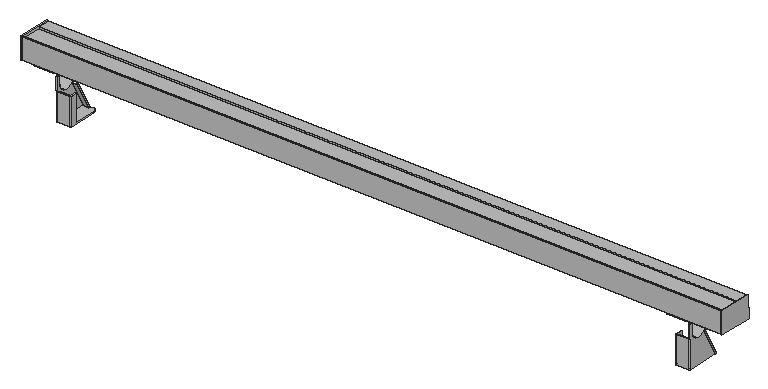
Revit family "4070762+4070747+4070771 Feilo Sylvania Lighting Fixtures CURSUS 1161MM 770LM WIDE LED 4K with SINGLE WALL HOUSING with 70MM WALL BRACKET", category Lighting Fixtures, host Face, Revit 2017
Family settings
  Host = Face
  Round Connector Dimension = Use Diameter
  Part Type = Normal
  OmniClass Number = 23.80.70.14
  OmniClass Title = Luminaries for External Lighting
  Cut with Voids When Loaded = Yes
  Light Source = No
  Shared = No
  Room Calculation Point = No
Parameters (values of type "4070762 CURSUS 1161MM 770LM WIDE LED 4K")
  Weight = "2.2 kg"
  Wattage Comments = "n/a"
  WarrantyStartDate [instance] = "n/a"
  WarrantyGuarantorParts = "n/a"
  WarrantyDurationUnit = "n/a"
  WarrantyDurationParts = "n/a"
  WarrantyDescription = "n/a"
  Voltage = 230 V
  URL = "http://www.sylvania-lighting.com"
  TypeName = "CURSUS 1161MM 770LM WIDE LED 4K"
  TypeFixture_FEILO = CURSUS with SINGLE WALL HOUSING : CURSUS 1161MM 770LM WIDE LED 4K
  Type Image = <None>
  Type Comments = "n/a"
  TiltAngle [instance] = 0.00°
  StartAngle [instance] = TiltAngle + 270.00°  # 270.00°
  SerialNumber [instance] = "n/a"
  ReflectorMaterial = none
  PowerFactor = 0
  PowerConsumption = "18 W"
  NominalLength = 1161 mm
  NominalHeight = 50 mm
  NominalDepth = 30 mm
  Name = "CURSUS 1161MM 770LM WIDE LED 4K"
  ModelReference = Name  # "CURSUS 1161MM 770LM WIDE LED 4K"
  ModelNumber = "4070762"
  Model = Name  # "CURSUS 1161MM 770LM WIDE LED 4K"
  Material = "natural anodised extruded aluminium structure housing"
  ManufacturerName = "Feilo Sylvania"
  Manufacturer = "Feilo Sylvania"
  LuminousEfficacy = "42.77 lm/W"
  LuminaireType = ""
  LightOutputRatio = "100"
  LampsType = Lamp  # "LED"
  LampNominalLuminous = "770 lm"
  LampMacAdamStep = "n/a"
  LampColourTemperature = "4000 K"
  LampColourRenderingIndex = "80"
  Lamp = "LED"
  Keynote = "16500"
  InstallationDate [instance] = "n/a"
  InputVoltage = "220-240V~"
  InputNominalFrequency = "n/a"
  IngressProtection = "IP67"
  ImpactProtectionIndex = "IK07"
  IfcExportType = "IfcLightFixtureType"
  IfcExportAs = "IfcLightFixtureType"
  ExpectedLife = 50000
  EndAngle [instance] = StartAngle - 180.00°  # 90.00°
  ElectricShockClassification = "Class III"
  DurationUnit = "hours"
  DocumentationLiterature = "http://www.sylvania-lighting.com/product/en-int/products/4070762"
  DimmingControlOptions = "n/a"
  DiffuserMaterial = Diffuser-Sylvania-Glow
  Description = "LED Exterior Lighting Recessed Surface Mounted Linear Fixture, Natural anodised extruded aluminium structure. Die-cast aluminium end caps. Installation kit with harmonic steel springs., 770 lm, 18W,  42lm/W, 4000K, CRI80+,non dimmable,IP67, IK07, (HxWxD) 1161x50x30mm, 3 step Mac Adam Ellipse, 2.2kg,, Classe III, 21-25V-DC, energy class : A++, A+, A"
  Default Elevation = 1219.2 mm
  CreatedOn = "1/8/2018"
  CreatedBy = ""
  Cost = 0
  built-in parameter 1114216 [instance] = (empty or 0)
  ClassificationValue = "EF_70_80"
  ClassificationName = "Uniclass2015"
  BracketWidth = 24 mm
  BracketThickness = 2 mm
  BracketHeightEnd = 32 mm
  BracketHeight = 55 mm
  BracketFlange = BracketHeight / 5  # 11 mm
  BracketExtension = 70 mm
  BracketEndReduction = 25 mm
  BracketC = 22 mm  # constant formula
  BracketDistance = 1030 mm
  BracketD = BracketHeightEnd - (BracketC * (BracketHeight - BracketHeightEnd) / (BracketExtension - BracketEndReduction))  # 20.756 mm
  BodyMaterial = Body-Sylvania-Gray
  BarCode [instance] = "n/a"
  AssetType = "Fixed"
  AssetIdentifier [instance] = "n/a"
  Assembly Code = "D5020200"
  Apparent Load = 18 VA
  AccessoryMaterial = Diffuser-Sylvania-Glow
Reference planes
  plane 1 "Center (Front/Back)": y = 0
  plane 2: z = 0
  plane 3 "Center (Left/Right)": x = 0
  plane 4: x = -527
  plane 5: x = 527
  plane 6: y = 55
  plane 7: x = -503
  plane 8: x = 503
  plane 9: z = 70
  plane 10: z = 56
  plane 11: z = 2
  plane 12: z = 45
  plane 13: x = -525
  plane 14: y = 53
  plane 15: y = 2
  plane 16: x = -505
  plane 17: x = 505
  plane 18: x = 525
  plane 19: x = -515
  plane 20: x = 515
  plane 21: y = 11
  plane 22: y = 32
  plane 23: y = 30
  plane 24: z = 67
  plane 25: y = 20.756
  plane 26: y = 16
Forms (mm)
  Blend 1, solid, material "Body-Sylvania-Gray" <- "BodyMaterial"
    base sketch origin (1223.4, -4572, 2) x (0, -1, 0) y (1, 0, 0)
      loop
        line (-4625, -1738.4) -> (-4627, -1738.4) -> (-4627, -1748.4)
        arc (-4627, -1748.4) -> (-4626.414, -1749.814) -> (-4625, -1750.4) r 2
        line (-4625, -1750.4) -> (-4574, -1750.4)
        arc (-4574, -1750.4) -> (-4572.586, -1749.814) -> (-4572, -1748.4) r 2
        line (-4572, -1748.4) -> (-4572, -1728.4)
        arc (-4572, -1728.4) -> (-4572.586, -1726.986) -> (-4574, -1726.4) r 2
        line (-4574, -1726.4) -> (-4583, -1726.4) -> (-4583, -1728.4) -> (-4574, -1728.4) -> (-4574, -1748.4) -> (-4625, -1748.4) -> (-4625, -1738.4)
    top sketch origin (1223.4, -4572, 2) x (0, -1, 0) y (1, 0, 0)
      loop
        line (-4583, -1728.4) -> (-4574, -1728.4) -> (-4574, -1748.4) -> (-4602, -1748.4) -> (-4602, -1738.4) -> (-4604, -1738.4) -> (-4604, -1748.4)
        arc (-4604, -1748.4) -> (-4603.52, -1749.71) -> (-4602.309, -1750.4) r 2.028
        line (-4602.309, -1750.4) -> (-4574, -1750.4)
        arc (-4574, -1750.4) -> (-4572.586, -1749.814) -> (-4572, -1748.4) r 2
        line (-4572, -1748.4) -> (-4572, -1728.4)
        arc (-4572, -1728.4) -> (-4572.586, -1726.986) -> (-4574, -1726.4) r 2
        line (-4574, -1726.4) -> (-4583, -1726.4) -> (-4583, -1728.4)
    from 0 to 43
  Extrusion 2, solid, material "Body-Sylvania-Gray" <- "BodyMaterial"
    sketch origin (0, 0, 0) x (1, 0, 0) y (0, 1, 0)
      loop
        arc (-525, 55) -> (-526.414, 54.414) -> (-527, 53) r 2
        line (-527, 53) -> (-527, 2)
        arc (-527, 2) -> (-526.414, 0.586) -> (-525, 0) r 2
        line (-525, 0) -> (-505, 0)
        arc (-505, 0) -> (-503.586, 0.586) -> (-503, 2) r 2
        line (-503, 2) -> (-503, 47.5)
        arc (-503, 47.5) -> (-505.197, 52.803) -> (-510.5, 55) r 7.5
        line (-510.5, 55) -> (-525, 55)
      loop
        line (525, 55) -> (510.5, 55)
        arc (510.5, 55) -> (505.197, 52.803) -> (503, 47.5) r 7.5
        line (503, 47.5) -> (503, 2)
        arc (503, 2) -> (503.586, 0.586) -> (505, 0) r 2
        line (505, 0) -> (525, 0)
        arc (525, 0) -> (526.414, 0.586) -> (527, 2) r 2
        line (527, 2) -> (527, 53)
        arc (527, 53) -> (526.414, 54.414) -> (525, 55) r 2
    from 0 to 2
  Blend 3, solid, material "Body-Sylvania-Gray" <- "BodyMaterial"
    base sketch origin (1223.4, -4572, 2) x (0, -1, 0) y (1, 0, 0)
      loop
        line (-4625, -698.4) -> (-4574, -698.4) -> (-4574, -718.4) -> (-4583, -718.4) -> (-4583, -720.4) -> (-4574, -720.4)
        arc (-4574, -720.4) -> (-4572.586, -719.814) -> (-4572, -718.4) r 2
        line (-4572, -718.4) -> (-4572, -698.4)
        arc (-4572, -698.4) -> (-4572.586, -696.986) -> (-4574, -696.4) r 2
        line (-4574, -696.4) -> (-4625, -696.4)
        arc (-4625, -696.4) -> (-4626.414, -696.986) -> (-4627, -698.4) r 2
        line (-4627, -698.4) -> (-4627, -708.4) -> (-4625, -708.4) -> (-4625, -698.4)
    top sketch origin (1223.4, -4572, 2) x (0, -1, 0) y (1, 0, 0)
      loop
        line (-4602, -708.4) -> (-4602, -698.4) -> (-4574, -698.4) -> (-4574, -718.4) -> (-4583, -718.4) -> (-4583, -720.4) -> (-4574, -720.4)
        arc (-4574, -720.4) -> (-4572.586, -719.814) -> (-4572, -718.4) r 2
        line (-4572, -718.4) -> (-4572, -698.4)
        arc (-4572, -698.4) -> (-4572.586, -696.986) -> (-4574, -696.4) r 2
        line (-4574, -696.4) -> (-4602, -696.4)
        arc (-4602, -696.4) -> (-4603.414, -696.986) -> (-4604, -698.4) r 2
        line (-4604, -698.4) -> (-4604, -708.4) -> (-4602, -708.4)
    from 0 to 43
  Blend 4, solid, material "Body-Sylvania-Gray" <- "BodyMaterial"
    base sketch origin (1223.4, -4572, 45) x (0, -1, 0) y (1, 0, 0)
      loop
        line (-4604, -1750.4) -> (-4572, -1750.4) -> (-4572, -1748.4) -> (-4604, -1748.4) -> (-4604, -1750.4)
    top sketch origin (1223.4, -4572, 45) x (0, -1, 0) y (1, 0, 0)
      loop
        line (-4572, -1750.4) -> (-4572, -1748.4) -> (-4592.756, -1748.4) -> (-4592.756, -1750.4) -> (-4572, -1750.4)
    from 0 to 22
  Blend 5, solid, material "Body-Sylvania-Gray" <- "BodyMaterial"
    base sketch origin (1223.4, -4572, 45) x (0, -1, 0) y (1, 0, 0)
      loop
        line (-4604, -698.4) -> (-4572, -698.4) -> (-4572, -696.4) -> (-4604, -696.4) -> (-4604, -698.4)
    top sketch origin (1223.4, -4572, 45) x (0, -1, 0) y (1, 0, 0)
      loop
        line (-4572, -696.4) -> (-4592.756, -696.4) -> (-4592.756, -698.4) -> (-4572, -698.4) -> (-4572, -696.4)
    from 0 to 22
  Extrusion 6, void
    sketch origin (0, 0, 0) x (0, 1, 0) y (0, 0, 1)
      loop
        line (0, 45) -> (2, 45) -> (2, 46.5) -> (0, 46.5) -> (0, 45)
      loop
        line (32, 45) -> (32, 46.5) -> (30, 46.5) -> (30, 45) -> (32, 45)
    from -527 to 527
  Revolve 7, solid, not visible
    sketch origin (1524, 16, 1219.2) x (1, 0, 0) y (0, 0, 1)
      loop
        line (-1524, -1152.2) -> (-1524, -1163.2) -> (-1009, -1163.2) -> (-1009, -1152.2) -> (-1524, -1152.2)
      axis (-1009, -1163.2) -> (-1524, -1163.2)
    angle from 270 <- "StartAngle" to 90 <- "EndAngle"
Cuts and joins
  Extrusion 6 cuts Blend 4
  Extrusion 6 cuts Blend 5
  joined: Blend 1, Extrusion 2, Blend 3, Blend 4, Blend 5
Lines and regions (mm)
  reference lines, not visible
    curve 1: line (-503, 16, 56) -> (503, 16, 56)
Dimensions and locks
  equal spacing: plane 4, plane 3 "Center (Left/Right)", plane 5
  "BracketDistance": plane 19 to plane 20
  "BracketHeight": plane 1 "Center (Front/Back)" to plane 6
  equal spacing: plane 7, plane 3 "Center (Left/Right)", plane 8
  "BracketWidth": plane 4 to plane 7
  "BracketExtension": plane 9 to plane 2
  "BracketThickness": plane 11 to plane 2
  "BracketEndReduction": plane 9 to plane 12
  equal spacing: plane 13, plane 3 "Center (Left/Right)", plane 18
  equal spacing: plane 16, plane 3 "Center (Left/Right)", plane 17
  "BracketThickness": plane 4 to plane 13
  "BracketThickness": plane 16 to plane 7
  "BracketThickness": plane 14 to plane 6
  "BracketThickness": plane 1 "Center (Front/Back)" to plane 15
  equal spacing: plane 4, plane 19, plane 7
  equal spacing: plane 8, plane 20, plane 5
  "BracketFlange": plane 1 "Center (Front/Back)" to plane 21
  "BracketHeightEnd": plane 1 "Center (Front/Back)" to plane 22
  "BracketThickness": plane 23 to plane 22
  locked: Extrusion 2 sketch curve to plane 7 at 7.5
  locked: Extrusion 2 sketch curve to plane 6 at 7.5  (x2)
  locked: plane 8 to Extrusion 2 sketch curve at 7.5
  "BracketC": plane 24 to plane 12
  "BracketD": plane 1 "Center (Front/Back)" to plane 25
  locked: plane 12 to Extrusion 6 sketch curve at 1.5
  equal spacing: plane 24, plane 10, plane 12
  equal spacing: plane 1 "Center (Front/Back)", plane 26, plane 22
  aligned and locked: plane 2 to host face
  aligned and locked: level to host face
  aligned and locked: plane 4 to Blend 1 sketch curve  (x2)
  aligned and locked: plane 13 to Blend 1 sketch curve  (x3)
  aligned and locked: Blend 1 sketch curve to plane 15
  aligned and locked: Blend 1 sketch curve to plane 16
  aligned and locked: Blend 1 sketch curve to plane 21
  aligned and locked: plane 7 to Blend 1 sketch curve
  aligned and locked: plane 16 to Blend 1 sketch curve
  aligned and locked: plane 1 "Center (Front/Back)" to Blend 1 sketch curve
  aligned and locked: plane 14 to Blend 1 sketch curve
  aligned and locked: Blend 1 sketch curve to var sketch  (x6)
  aligned and locked: Blend 1 sketch curve to plane 19
  aligned and locked: Blend 1 sketch curve to plane 22
  aligned and locked: plane 23 to Blend 1 sketch curve
  aligned and locked: plane 11 to Blend 1
  aligned and locked: Extrusion 2 sketch curve to Blend 1  (x3)
  aligned and locked: Extrusion 2 to level
  aligned and locked: Extrusion 2 to plane 11
  aligned and locked: Extrusion 2 sketch curve to plane 7
  aligned and locked: plane 18 to Blend 3 sketch curve  (x4)
  aligned and locked: plane 14 to Blend 3 sketch curve  (x2)
  aligned and locked: Blend 3 sketch curve to plane 20
  aligned and locked: Blend 3 sketch curve to plane 6
  aligned and locked: plane 5 to Blend 3 sketch curve
  aligned and locked: plane 1 "Center (Front/Back)" to Blend 3 sketch curve
  aligned and locked: plane 15 to Blend 3 sketch curve  (x2)
  aligned and locked: Blend 3 sketch curve to plane 8
  aligned and locked: Blend 3 sketch curve to plane 21
  aligned and locked: plane 17 to Blend 3 sketch curve
  aligned and locked: Blend 3 sketch curve to plane 18
  aligned and locked: plane 20 to Blend 3 sketch curve  (x2)
  aligned and locked: Blend 3 sketch curve to plane 23
  aligned and locked: Blend 3 sketch curve to var sketch  (x8)
  aligned and locked: var sketch to Blend 3 sketch curve
  aligned and locked: plane 22 to Blend 3 sketch curve
  aligned and locked: plane 11 to Blend 3
  aligned and locked: Extrusion 2 sketch curve to Blend 3  (x4)
  aligned and locked: Blend 1 to plane 12
  aligned and locked: Blend 3 to plane 12
  aligned and locked: Blend 4 sketch curve to plane 22
  aligned and locked: Blend 4 sketch curve to cut or joined group of Blend 1, Extrusion 2, Blend 3, Blend 4, Blend 5, Extrusion 6  (x2)
  aligned and locked: cut or joined group of Blend 1, Extrusion 2, Blend 3, Blend 4, Blend 5, Extrusion 6 to Blend 4 sketch curve
  aligned and locked: Blend 4 sketch curve to var sketch  (x2)
  aligned and locked: Blend 4 sketch curve to plane 13
  aligned and locked: Blend 4 to plane 24
  aligned and locked: Blend 4 sketch curve to plane 25
  aligned and locked: Blend 5 sketch curve to plane 18  (x2)
  aligned and locked: plane 1 "Center (Front/Back)" to Blend 5 sketch curve
  aligned and locked: plane 5 to Blend 5 sketch curve
  aligned and locked: plane 22 to Blend 5 sketch curve
  aligned and locked: Blend 5 sketch curve to var sketch
  aligned and locked: var sketch to Blend 5 sketch curve
  aligned and locked: Blend 5 sketch curve to plane 25
  aligned and locked: Blend 5 to plane 24
  aligned and locked: plane 12 to Blend 5
  aligned and locked: Extrusion 6 sketch curve to cut or joined group of Blend 1, Extrusion 2, Blend 3, Blend 4, Blend 5, Extrusion 6  (x2)
  aligned and locked: Extrusion 6 sketch curve to Extrusion 6 sketch curve
  aligned and locked: Extrusion 6 sketch curve to plane 15
  aligned and locked: plane 5 to Extrusion 6
  aligned and locked: Extrusion 6 to plane 4
  aligned and locked: Extrusion 6 sketch curve to plane 23
  aligned and locked: Revolve 7 sketch curve to plane 10  (x2)
  aligned and locked: plane 24 to Revolve 7 sketch curve
  aligned and locked: plane 3 "Center (Left/Right)" to Revolve 7 sketch curve
  aligned and locked: Revolve 7 sketch curve to plane 20
  aligned and locked: plane 7 to curve 1
  aligned and locked: plane 10 to curve 1
  aligned and locked: nested 1 to plane 5
  aligned and locked: nested 2 to plane 4
  aligned and locked: nested 1 to curve 1
  aligned and locked: nested 2 to curve 1
  aligned and locked: nested 1 to nested 3
  aligned and locked: nested 3 to plane 3 "Center (Left/Right)"
Automatic sketch dimensions
  host sketch curve to host sketch curve = 2438.4 mm  (x2)
  Blend 1 sketch curve to plane 13 = 0 mm
  plane 15 to Blend 1 sketch curve = 0 mm  (x3)
  Blend 1 sketch curve to plane 23 = 0.309 mm
  plane 6 to Blend 1 sketch curve = 0 mm
  plane 14 to Blend 1 sketch curve = 0 mm
  Blend 1 sketch curve to plane 19 = 0 mm
  Blend 3 sketch curve to plane 17 = 0 mm
  Extrusion 6 sketch curve to plane 1 "Center (Front/Back)" = 0 mm
  plane 12 to Extrusion 6 sketch curve = 0 mm
  Revolve 7 sketch curve to plane 4 = 1153 mm
  plane 5 to Revolve 7 sketch curve = 1161.4 mm
  curve 1 to plane 8 = 0 mm
Nested families
  nested 1: "MountingPlate" at (526, 16, 56) x (-1, 0, 0) z (0, 0, 1), type "MountingPlate"
  nested 2: "MountingPlate" at (-526, 16, 56) x (-1, 0, 0) z (0, 0, 1), type "MountingPlate"
  nested 3: "CURSUS with SINGLE WALL HOUSING" at (0, -4, 74) x (-1, 0, 0) z (0, 0, 1), type <- "TypeFixture_FEILO", type "CURSUS 1161MM 770LM WIDE LED 4K"
    with WarrantyStartDate "n/a", SerialNumber "n/a", InstallationDate "n/a", EndCapRight yes, EndCapLeft yes, built-in parameter 1114216 (empty or 0), BarCode "n/a", AssetIdentifier "n/a"
Connectors
  electrical at (0, 0, 0), driven by "Voltage", driven by "Apparent Load", driven by "PowerFactor"
    settings: index 1, voltage 230 V, apparent load 18 VA, apparent load phase1 0 VA, apparent load phase2 0 VA, apparent load phase3 0 VA, power factor 0, load classification "Other", number of poles 1, system type 30, power factor state 1, is connector primary yes, connector utility no, sub classification motor no, connector description ""
Definition of nested family "MountingPlate"
  Parameters (values of type "MountingPlate")
    URL = "http://www.feilosylvania.com"
    Type Comments = "n/a"
    ReflectorMaterial = none
    MountingPlateWidth = 76 mm
    MountingPlateThickness = 2 mm
    MountingPlateRadiusBack = 12 mm
    MountingPlateRadius = 3 mm
    MountingPlateHeight = 35 mm
    Model = "n/a"
    Manufacturer = "Feilo Sylvania"
    Keynote = "n/a"
    DiffuserMaterial = none
    Description = "n/a"
    Default Elevation = 1219.2 mm
    Cost = 0
    BodyMaterial = none
    Assembly Code = "n/a"
    AccessoryMaterial = none
  Reference planes
    plane 1 "Center (Front/Back)": y = 0
    plane 2: z = 0
    plane 3 "Center (Left/Right)": x = 0
    plane 4: x = -38
    plane 5: x = 38
    plane 6: y = 17.5
    plane 7: y = -17.5
    plane 8: x = -3
    plane 9: x = 3
    plane 10: z = 18
    plane 11: z = 16
    plane 12: y = 12.5
    plane 13: y = -12.5
    plane 14: x = -1
    plane 15: x = 1
    plane 16: z = -12.5
    plane 17: z = -14.5
  Forms (mm)
    Extrusion 1, solid
      sketch origin (1.653, 0, 0) x (1, 0, 0) y (0, 1, 0)
        loop
          line (-1219.2, 1219.2) -> (-1219.2, -1219.2) -> (1219.2, -1219.2) -> (1219.2, 1219.2) -> (-1219.2, 1219.2)
      from 0 to -304.8
    Extrusion 2, solid, material <- "BodyMaterial"
      sketch origin (1218.4, -4572, 16) x (0, -1, 0) y (-1, 0, 0)
        loop
          line (-4589.5, 1253.4) -> (-4589.5, 1224.4)
          arc (-4589.5, 1224.4) -> (-4588.621, 1222.279) -> (-4586.5, 1221.4) r 3
          line (-4586.5, 1221.4) -> (-4557.5, 1221.4)
          arc (-4557.5, 1221.4) -> (-4555.379, 1222.279) -> (-4554.5, 1224.4) r 3
          line (-4554.5, 1224.4) -> (-4554.5, 1253.4)
          arc (-4554.5, 1253.4) -> (-4555.379, 1255.521) -> (-4557.5, 1256.4) r 3
          line (-4557.5, 1256.4) -> (-4586.5, 1256.4)
          arc (-4586.5, 1256.4) -> (-4588.621, 1255.521) -> (-4589.5, 1253.4) r 3
        loop
          arc (-4589.5, 1183.4) -> (-4588.621, 1181.279) -> (-4586.5, 1180.4) r 3
          line (-4586.5, 1180.4) -> (-4557.5, 1180.4)
          arc (-4557.5, 1180.4) -> (-4555.379, 1181.279) -> (-4554.5, 1183.4) r 3
          line (-4554.5, 1183.4) -> (-4554.5, 1212.4)
          arc (-4554.5, 1212.4) -> (-4555.379, 1214.521) -> (-4557.5, 1215.4) r 3
          line (-4557.5, 1215.4) -> (-4586.5, 1215.4)
          arc (-4586.5, 1215.4) -> (-4588.621, 1214.521) -> (-4589.5, 1212.4) r 3
          line (-4589.5, 1212.4) -> (-4589.5, 1183.4)
      from 0 to -2
    Extrusion 3, solid, material <- "BodyMaterial"
      sketch origin (0, 0, 0) x (1, 0, 0) y (0, 0, 1)
        loop
          line (-3, 18) -> (-3, -12.5) -> (-1, -12.5) -> (-1, 16)
          arc (-1, 16) -> (-1.586, 17.414) -> (-3, 18) r 2
        loop
          line (3, -12.5) -> (3, 18)
          arc (3, 18) -> (1.586, 17.414) -> (1, 16) r 2
          line (1, 16) -> (1, -12.5) -> (3, -12.5)
      from -12.5 to 12.5
    Extrusion 4, void
      sketch origin (0, 0, 0) x (0, 1, 0) y (0, 0, 1)
        loop
          line (-12.5, -0.5) -> (-17.5, -0.5) -> (-17.5, -14.5) -> (-0.5, -14.5) -> (-0.5, -12.5)
          arc (-0.5, -12.5) -> (-8.985, -8.985) -> (-12.5, -0.5) r 12
        loop
          line (0.5, -12.5) -> (0.5, -14.5) -> (17.5, -14.5) -> (17.5, -0.5) -> (12.5, -0.5)
          arc (12.5, -0.5) -> (8.985, -8.985) -> (0.5, -12.5) r 12
      from -3 to 3
  Cuts and joins
    Extrusion 4 cuts Extrusion 2
    Extrusion 4 cuts Extrusion 3
    joined: Extrusion 2, Extrusion 3
  Lines and regions (mm)
    reference lines
      curve 1: line (-38, 0, 0) -> (38, 0, 0)
  Dimensions and locks
    equal spacing: plane 4, plane 3 "Center (Left/Right)", plane 5
    "MountingPlateWidth": plane 4 to plane 5
    equal spacing: plane 7, plane 1 "Center (Front/Back)", plane 6
    "MountingPlateHeight": plane 7 to plane 6
    equal spacing: plane 8, plane 3 "Center (Left/Right)", plane 9
    "MountingPlateHeight": plane 4 to plane 8
    locked: plane 10 to plane 2 at 18
    "MountingPlateThickness": plane 10 to plane 11
    equal spacing: plane 13, plane 1 "Center (Front/Back)", plane 12
    locked: plane 13 to plane 12 at 25
    "MountingPlateRadius": plane 4 to Extrusion 2 sketch curve  (x2)
    "MountingPlateRadius": Extrusion 2 sketch curve to plane 6  (x4)
    "MountingPlateRadius": Extrusion 2 sketch curve to plane 8  (x2)
    "MountingPlateRadius": plane 7 to Extrusion 2 sketch curve  (x4)
    "MountingPlateRadius": plane 9 to Extrusion 2 sketch curve  (x2)
    "MountingPlateRadius": Extrusion 2 sketch curve to plane 5  (x2)
    equal spacing: plane 15, plane 3 "Center (Left/Right)", plane 14
    "MountingPlateThickness": plane 14 to plane 8
    locked: plane 2 to plane 16 at 12.5
    locked: plane 17 to plane 16 at 2
    "MountingPlateRadiusBack": plane 13 to Extrusion 4 sketch curve
    "MountingPlateRadiusBack": plane 16 to Extrusion 4 sketch curve  (x2)
    "MountingPlateRadiusBack": Extrusion 4 sketch curve to plane 12
    aligned and locked: plane 2 to Extrusion 1
    aligned and locked: level to Extrusion 1
    aligned and locked: Extrusion 2 sketch curve to plane 6
    aligned and locked: Extrusion 2 sketch curve to plane 4
    aligned and locked: plane 7 to Extrusion 2 sketch curve
    aligned and locked: plane 8 to Extrusion 2 sketch curve
    aligned and locked: plane 6 to Extrusion 2 sketch curve
    aligned and locked: Extrusion 2 sketch curve to plane 5
    aligned and locked: Extrusion 2 sketch curve to plane 7
    aligned and locked: plane 9 to Extrusion 2 sketch curve
    aligned and locked: Extrusion 2 to plane 10
    aligned and locked: plane 11 to Extrusion 2
    aligned and locked: Extrusion 3 sketch curve to Extrusion 2  (x2)
    aligned and locked: plane 16 to Extrusion 3 sketch curve  (x2)
    aligned and locked: plane 14 to Extrusion 3 sketch curve
    aligned and locked: plane 9 to Extrusion 3 sketch curve
    aligned and locked: plane 15 to Extrusion 3 sketch curve
    aligned and locked: Extrusion 3 to plane 12
    aligned and locked: plane 13 to Extrusion 3
    aligned and locked: plane 17 to Extrusion 4 sketch curve  (x2)
    aligned and locked: Extrusion 4 sketch curve to plane 7
    aligned and locked: Extrusion 4 sketch curve to plane 6
    aligned and locked: plane 9 to Extrusion 4
    aligned and locked: Extrusion 4 to plane 8
    aligned and locked: plane 4 to curve 1
    aligned and locked: curve 1 to level
  Automatic sketch dimensions
    Extrusion 1 sketch curve to Extrusion 1 sketch curve = 2438.4 mm  (x2)
    Extrusion 3 sketch curve to plane 11 = 0 mm
    curve 1 to plane 5 = 0 mm
    Extrusion 4 sketch curve to plane 13 = 0 mm
    Extrusion 4 sketch curve to plane 12 = 0 mm
Definition of nested family "CURSUS with SINGLE WALL HOUSING"
  Parameters (values of type "CURSUS 1161MM 827LM OVAL LED 3K")
    Width_FEILO = 35 mm
    Weight = "2.2 kg"
    Wattage Comments = "n/a"
    Wattage = 18 W
    WarrantyStartDate [instance] = "n/a"
    WarrantyGuarantorParts = "n/a"
    WarrantyDurationUnit = "n/a"
    WarrantyDurationParts = "n/a"
    WarrantyDescription = "n/a"
    WallThickness_FEILO = 2.5 mm
    built-in parameter 1150110 = 1 (stored number, unit not read)
    Voltage = 24 V
    URL = "http://www.feilosylvania.com"
    TypeName = "CURSUS 1161MM 827LM OVAL LED 3K"
    Type Image = (empty or 0)
    Type Comments = "n/a"
    built-in parameter 1114217 = 1 (stored number, unit not read)
    Tilt Angle = -90.00°
    built-in parameter 1150109 = 1 (stored number, unit not read)
    built-in parameter 1150134 = (empty or 0)
    built-in parameter 1150113 = 1 (stored number, unit not read)
    SerialNumber [instance] = "n/a"
    ReflectorMaterial = none
    PowerFactor = 0
    PowerConsumption = "18 W"
    Photometric Web File = "4070765.ies"
    NominalLength = 1161 mm
    NominalHeight = 50 mm
    NominalDepth = 30 mm
    Name = "CURSUS 1161MM 827LM OVAL LED 3K"
    ModelReference = Name  # "CURSUS 1161MM 827LM OVAL LED 3K"
    ModelNumber = ""
    Model = Name  # "CURSUS 1161MM 827LM OVAL LED 3K"
    Material = "natural anodised extruded aluminium structure housing, optical system with pmma lenses diffuser"
    ManufacturerName = "Feilo Sylvania"
    Manufacturer = "Feilo Sylvania"
    LuminousEfficacy = "45.94 lm/W"
    built-in parameter 1150105 = 1166.5 (stored number, unit not read)
    Lumens = 827 lm
    LuminaireType = ""
    built-in parameter 1150115 = 1 (stored number, unit not read)
    LightOutputRatio = "100"
    built-in parameter 1150137 = (empty or 0)
    built-in parameter 1150139 = (empty or 0)
    Length_FEILO = 1167 mm
    LampsType = Lamp  # "LED"
    LampNominalLuminous = "827 lm"
    LampMacAdamStep = "n/a"
    LampColourTemperature = "3000 K"
    LampColourRenderingIndex = "80"
    built-in parameter 1150112 = 1 (stored number, unit not read)
    built-in parameter 1150114 = 1 (stored number, unit not read)
    Lamp = "LED"
    Keynote = "16500"
    InstallationDate [instance] = "n/a"
    InputVoltage = "24V DC"
    InputNominalFrequency = "n/a"
    built-in parameter 1150132 = (empty or 0)
    built-in parameter 1150102 = (empty or 0)
    built-in parameter 1150107 = 3000 (stored number, unit not read)
    built-in parameter 1150138 = (empty or 0)
    IngressProtection = "IP67"
    ImpactProtectionIndex = "IK07"
    built-in parameter 1150106 = 11.665 (stored number, unit not read)
    IfcExportType = "IfcLightFixtureType"
    IfcExportAs = "IfcLightFixtureType"
    ExpectedLife = 50000
    EndCapRight [instance] = yes
    EndCapLeft [instance] = yes
    Emit from Rectangle Width = Width_FEILO - WallThickness_FEILO * 2  # 30 mm
    Emit from Rectangle Length = Length_FEILO - WallThickness_FEILO * 2  # 1162 mm
    Emit Shape Visible in Rendering = no
    ElectricShockClassification = "Class III"
    built-in parameter 1150104 = 4.2684 (stored number, unit not read)
    DurationUnit = "hours"
    DocumentationLiterature = "http://www.feilosylvania.com/product/en-int/products/4070765"
    DimmingControlOptions = "n/a"
    Dimming Lamp Color Temperature Shift = (empty or 0)
    DiffuserMaterial = none
    Description = "LED Exterior Lighting Recessed Surface Mounted Linear Fixture, Natural anodised extruded aluminium structure. Die-cast aluminium end caps. Installation kit with harmonic steel springs., 827 lm, 18W, 45lm/W, 3000K, CRI80+,non dimmable,IP67, IK07, (HxWxD) 1161x50x30mm, 3 step Mac Adam Ellipse, 2.2kg,, Classe III, 21-25V-DC, energy class : A++, A+, A"
    Default Elevation = 1219.2 mm
    CreatedOn = "1/8/2018"
    CreatedBy = "aron.fodor@feilosylvania.com"
    Cost = 0
    Color Filter = 16777215
    built-in parameter 1114216 [instance] = (empty or 0)
    ClassificationValue = "EF_70_80"
    ClassificationName = "Uniclass2015"
    BodyMaterial = none
    BarCode [instance] = "n/a"
    built-in parameter 1114218 = 1 (stored number, unit not read)
    built-in parameter 1150133 = 10 (stored number, unit not read)
    AssetType = "Fixed"
    AssetIdentifier [instance] = "n/a"
    Assembly Code = "D5020200"
    Apparent Load = 18 VA
    AccessoryMaterial = none
  Types (16, lengths in mm): name | Weight | Wattage | Voltage | TypeName | built-in parameter 1150134 | PowerConsumption | Photometric Web File | NominalLength | Name | ModelReference | Model | Material | LuminousEfficacy | built-in parameter 1150105 | Lumens | Length_FEILO | LampNominalLuminous | LampColourTemperature | InputVoltage | InputNominalFrequency | built-in parameter 1150107 | built-in parameter 1150106 | Emit from Rectangle Length | built-in parameter 1150104 | DocumentationLiterature | Description | Apparent Load
    CURSUS 1161MM 827LM OVAL LED 3K | "2.2 kg" | 18 W | 24 V | "CURSUS 1161MM 827LM OVAL LED 3K" | (empty or 0) | "18 W" | "4070765.ies" | 1161 | "CURSUS 1161MM 827LM OVAL LED 3K" | "CURSUS 1161MM 827LM OVAL LED 3K" | "CURSUS 1161MM 827LM OVAL LED 3K" | "natural anodised extruded aluminium structure housing, optical system with pmma lenses diffuser" | "45.94 lm/W" | 1166.5 (stored number, unit not read) | 827 lm | 1167 | "827 lm" | "3000 K" | "24V DC" | "n/a" | 3000 (stored number, unit not read) | 11.665 (stored number, unit not read) | 1162 | 4.2684 (stored number, unit not read) | "http://www.feilosylvania.com/product/en-int/products/4070765" | "LED Exterior Lighting Recessed Surface Mounted Linear Fixture, Natural anodised extruded aluminium structure. Die-cast aluminium end caps. Installation kit with harmonic steel springs., 827 lm, 18W, 45lm/W, 3000K, CRI80+,non dimmable,IP67, IK07, (HxWxD) 1161x50x30mm, 3 step Mac Adam Ellipse, 2.2kg,, Classe III, 21-25V-DC, energy class : A++, A+, A" | 18 VA
    CURSUS 1161MM 731LM WIDE LED 3K | "2.2 kg" | 18 W | 230 V | "CURSUS 1161MM 731LM WIDE LED 3K" | (empty or 0) | "18 W" | "4070764.ies" | 1161 | "CURSUS 1161MM 731LM WIDE LED 3K" | "CURSUS 1161MM 731LM WIDE LED 3K" | "CURSUS 1161MM 731LM WIDE LED 3K" | "natural anodised extruded aluminium structure housing" | "40.61 lm/W" | 403.47 (stored number, unit not read) | 731 lm | 1167 | "731 lm" | "3000 K" | "220-240V~" | "n/a" | 3000 (stored number, unit not read) | 4.0347 (stored number, unit not read) | 1162 | 3.7729 (stored number, unit not read) | "http://www.feilosylvania.com/product/en-int/products/4070764" | "LED Exterior Lighting Recessed Surface Mounted Linear Fixture, Natural anodised extruded aluminium structure. Die-cast aluminium end caps. Installation kit with harmonic steel springs., 731 lm, 18W, 40lm/W, 3000K, CRI80+,non dimmable,IP67, IK07, (HxWxD) 1161x50x30mm, 3 step Mac Adam Ellipse, 2.2kg,, Classe III, 21-25V-DC, energy class : A++, A+, A" | 18 VA
    CURSUS 1161MM 871LM OVAL LED 4K | "2.2 kg" | 18 W | 24 V | "CURSUS 1161MM 871LM OVAL LED 4K" | 12 | "18 W" | "4070763.ies" | 1161 | "CURSUS 1161MM 871LM OVAL LED 4K" | "CURSUS 1161MM 871LM OVAL LED 4K" | "CURSUS 1161MM 871LM OVAL LED 4K" | "natural anodised extruded aluminium structure housing, optical system with pmma lenses diffuser" | "48.38 lm/W" | 1192.8 (stored number, unit not read) | 871 lm | 1167 | "871 lm" | "4000 K" | "24V DC" | "50/60 Hz" | 4000 (stored number, unit not read) | 11.928 (stored number, unit not read) | 1162 | 4.4955 (stored number, unit not read) | "http://www.feilosylvania.com/product/en-int/products/4070763" | "LED Exterior Lighting Recessed Surface Mounted Linear Fixture, Natural anodised extruded aluminium structure. Die-cast aluminium end caps. Installation kit with harmonic steel springs., 871 lm, 18W,  48lm/W, 4000K, CRI80+,non dimmable,IP67, IK07, (HxWxD) 1161x50x30mm, 3 step Mac Adam Ellipse, 2.2kg,, Classe III, 21-25V-DC, energy class : A++, A+, A" | 18 VA
    CURSUS 1161MM 770LM WIDE LED 4K | "2.2 kg" | 18 W | 230 V | "CURSUS 1161MM 770LM WIDE LED 4K" | 12 | "18 W" | "4070762.ies" | 1161 | "CURSUS 1161MM 770LM WIDE LED 4K" | "CURSUS 1161MM 770LM WIDE LED 4K" | "CURSUS 1161MM 770LM WIDE LED 4K" | "natural anodised extruded aluminium structure housing" | "42.77 lm/W" | 424.94 (stored number, unit not read) | 770 lm | 1167 | "770 lm" | "4000 K" | "220-240V~" | "n/a" | 4000 (stored number, unit not read) | 4.2494 (stored number, unit not read) | 1162 | 3.9742 (stored number, unit not read) | "http://www.feilosylvania.com/product/en-int/products/4070762" | "LED Exterior Lighting Recessed Surface Mounted Linear Fixture, Natural anodised extruded aluminium structure. Die-cast aluminium end caps. Installation kit with harmonic steel springs., 770 lm, 18W,  42lm/W, 4000K, CRI80+,non dimmable,IP67, IK07, (HxWxD) 1161x50x30mm, 3 step Mac Adam Ellipse, 2.2kg,, Classe III, 21-25V-DC, energy class : A++, A+, A" | 18 VA
    CURSUS 876MM 620LM OVAL LED 3K | "1.7 kg" | 13.5 W | 24 V | "CURSUS 876MM 620LM OVAL LED 3K" | (empty or 0) | "13.5 W" | "4070758.ies" | 876 | "CURSUS 876MM 620LM OVAL LED 3K" | "CURSUS 876MM 620LM OVAL LED 3K" | "CURSUS 876MM 620LM OVAL LED 3K" | "natural anodised extruded aluminium structure housing, optical system with pmma lenses diffuser" | "45.92 lm/W" | 874.55 (stored number, unit not read) | 620 lm | 882 | "620 lm" | "3000 K" | "24V DC" | "50/60 Hz" | 3000 (stored number, unit not read) | 8.7455 (stored number, unit not read) | 877 | 4.2667 (stored number, unit not read) | "http://www.feilosylvania.com/product/en-int/products/4070758" | "LED Exterior Lighting Recessed Surface Mounted Linear Fixture, Natural anodised extruded aluminium structure. Die-cast aluminium end caps. Installation kit with harmonic steel springs., 620 lm, 13,5W, 45lm/W, 3000K, CRI80+,non dimmable,IP67, IK07, (HxWxD) 876x50x30mm, 3 step Mac Adam Ellipse, 1.7kg,, Classe III, 21-25V-DC, energy class : A++, A+, A" | 13.5 VA
    CURSUS 876MM 548LM WIDE LED 3K | "1.7 kg" | 13.5 W | 24 V | "CURSUS 876MM 548LM WIDE LED 3K" | (empty or 0) | "13.5 W" | "4070757.ies" | 876 | "CURSUS 876MM 548LM WIDE LED 3K" | "CURSUS 876MM 548LM WIDE LED 3K" | "CURSUS 876MM 548LM WIDE LED 3K" | "natural anodised extruded aluminium structure housing" | "40.59 lm/W" | 302.47 (stored number, unit not read) | 548 lm | 882 | "548 lm" | "3000 K" | "24V DC" | "n/a" | 3000 (stored number, unit not read) | 3.0247 (stored number, unit not read) | 877 | 3.7712 (stored number, unit not read) | "http://www.feilosylvania.com/product/en-int/products/4070757" | "LED Exterior Lighting Recessed Surface Mounted Linear Fixture, Natural anodised extruded aluminium structure. Die-cast aluminium end caps. Installation kit with harmonic steel springs., 548 lm, 13,5W, 40lm/W, 3000K, CRI80+,non dimmable,IP67, IK07, (HxWxD) 876x50x30mm, 3 step Mac Adam Ellipse, 1.7kg,, Classe III, 21-25V-DC, energy class : A++, A+, A" | 13.5 VA
    CURSUS 876MM 653LM OVAL LED 4K | "1.7 kg" | 13.5 W | 24 V | "CURSUS 876MM 653LM OVAL LED 4K" | 12 | "13.5 W" | "4070756.ies" | 876 | "CURSUS 876MM 653LM OVAL LED 4K" | "CURSUS 876MM 653LM OVAL LED 4K" | "CURSUS 876MM 653LM OVAL LED 4K" | "natural anodised extruded aluminium structure housing, optical system with pmma lenses diffuser" | "48.37 lm/W" | 894.28 (stored number, unit not read) | 653 lm | 882 | "653 lm" | "4000 K" | "24V DC" | "n/a" | 4000 (stored number, unit not read) | 8.9428 (stored number, unit not read) | 877 | 4.4938 (stored number, unit not read) | "http://www.feilosylvania.com/product/en-int/products/4070756" | "LED Exterior Lighting Recessed Surface Mounted Linear Fixture, Natural anodised extruded aluminium structure. Die-cast aluminium end caps. Installation kit with harmonic steel springs., 653 lm, 13,5W,  48lm/W, 4000K, CRI80+,non dimmable,IP67, IK07, (HxWxD) 876x50x30mm, 3 step Mac Adam Ellipse, 1.7kg,, Classe III, 21-25V-DC, energy class : A++, A+, A" | 13.5 VA
    CURSUS 876MM 577LM WIDE LED 4K | "1.7 kg" | 13.5 W | 24 V | "CURSUS 876MM 577LM WIDE LED 4K" | 12 | "13.5 W" | "4070755.ies" | 876 | "CURSUS 876MM 577LM WIDE LED 4K" | "CURSUS 876MM 577LM WIDE LED 4K" | "CURSUS 876MM 577LM WIDE LED 4K" | "natural anodised extruded aluminium structure housing" | "42.74 lm/W" | 318.43 (stored number, unit not read) | 577 lm | 882 | "577 lm" | "4000 K" | "24V DC" | "n/a" | 4000 (stored number, unit not read) | 3.1843 (stored number, unit not read) | 877 | 3.9707 (stored number, unit not read) | "http://www.feilosylvania.com/product/en-int/products/4070755" | "LED Exterior Lighting Recessed Surface Mounted Linear Fixture, Natural anodised extruded aluminium structure. Die-cast aluminium end caps. Installation kit with harmonic steel springs., 577 lm, 13,5W,  42lm/W, 4000K, CRI80+,non dimmable,IP67, IK07, (HxWxD) 876x50x30mm, 3 step Mac Adam Ellipse, 1.7kg,, Classe III, 21-25V-DC, energy class : A++, A+, A" | 13.5 VA
    CURSUS 591MM 414LM OVAL LED 3K | "1.2 kg" | 9 W | 24 V | "CURSUS 591MM 414LM OVAL LED 3K" | (empty or 0) | "9 W" | "4070751.ies" | 591 | "CURSUS 591MM 414LM OVAL LED 3K" | "CURSUS 591MM 414LM OVAL LED 3K" | "CURSUS 591MM 414LM OVAL LED 3K" | "natural anodised extruded aluminium structure housing, optical system with pmma lenses diffuser" | "46 lm/W" | 583.97 (stored number, unit not read) | 414 lm | 597 | "414 lm" | "3000 K" | "24V DC" | "n/a" | 3000 (stored number, unit not read) | 5.8397 (stored number, unit not read) | 592 | 4.2735 (stored number, unit not read) | "http://www.feilosylvania.com/product/en-int/products/4070751" | "LED Exterior Lighting Recessed Surface Mounted Linear Fixture, Natural anodised extruded aluminium structure. Die-cast aluminium end caps. Installation kit with harmonic steel springs., 414 lm, 9W, 46lm/W, 3000K, CRI80+,non dimmable,IP67, IK07, (HxWxD) 591x50x30mm, 3 step Mac Adam Ellipse, 1.2kg,, Classe III, 21-25V-DC, energy class : A++, A+, A" | 9 VA
    CURSUS 591MM 365LM WIDE LED 3K | "1.2 kg" | 9 W | 24 V | "CURSUS 591MM 365LM WIDE LED 3K" | (empty or 0) | "9 W" | "4070750.ies" | 591 | "CURSUS 591MM 365LM WIDE LED 3K" | "CURSUS 591MM 365LM WIDE LED 3K" | "CURSUS 591MM 365LM WIDE LED 3K" | "natural anodised extruded aluminium structure housing" | "40.55 lm/W" | 201.45 (stored number, unit not read) | 365 lm | 597 | "365 lm" | "3000 K" | "24V DC" | "n/a" | 3000 (stored number, unit not read) | 2.0145 (stored number, unit not read) | 592 | 3.7677 (stored number, unit not read) | "http://www.feilosylvania.com/product/en-int/products/4070750" | "LED Exterior Lighting Recessed Surface Mounted Linear Fixture, Natural anodised extruded aluminium structure. Die-cast aluminium end caps. Installation kit with harmonic steel springs., 365 lm, 9W, 40lm/W, 3000K, CRI80+,non dimmable,IP67, IK07, (HxWxD) 591x50x30mm, 3 step Mac Adam Ellipse, 1.2kg,, Classe III, 21-25V-DC, energy class : A++, A+, A" | 9 VA
    CURSUS 591MM 435LM OVAL LED 4K | "1.2 kg" | 9 W | 24 V | "CURSUS 591MM 435LM OVAL LED 4K" | 12 | "9 W" | "4070749.ies" | 591 | "CURSUS 591MM 435LM OVAL LED 4K" | "CURSUS 591MM 435LM OVAL LED 4K" | "CURSUS 591MM 435LM OVAL LED 4K" | "natural anodised extruded aluminium structure housing, optical system with pmma lenses diffuser" | "48.33 lm/W" | 595.73 (stored number, unit not read) | 435 lm | 597 | "435 lm" | "4000 K" | "24V DC" | "n/a" | 4000 (stored number, unit not read) | 5.9573 (stored number, unit not read) | 592 | 4.4903 (stored number, unit not read) | "http://www.feilosylvania.com/product/en-int/products/4070749" | "LED Exterior Lighting Recessed Surface Mounted Linear Fixture, Natural anodised extruded aluminium structure. Die-cast aluminium end caps. Installation kit with harmonic steel springs., 435 lm, 9W, 48lm/W, 4000K, CRI80+,non dimmable,IP67, IK07, (HxWxD) 591x50x30mm, 3 step Mac Adam Ellipse, 1.2kg,, Classe III, 21-25V-DC, energy class : A++, A+, A" | 9 VA
    CURSUS 591MM 385LM WIDE LED 4K | "1.2 kg" | 9 W | 24 V | "CURSUS 591MM 385LM WIDE LED 4K" | 12 | "9 W" | "4070748.ies" | 591 | "CURSUS 591MM 385LM WIDE LED 4K" | "CURSUS 591MM 385LM WIDE LED 4K" | "CURSUS 591MM 385LM WIDE LED 4K" | "natural anodised extruded aluminium structure housing" | "42.77 lm/W" | 212.47 (stored number, unit not read) | 385 lm | 597 | "385 lm" | "4000 K" | "24V DC" | "n/a" | 4000 (stored number, unit not read) | 2.1247 (stored number, unit not read) | 592 | 3.9742 (stored number, unit not read) | "http://www.feilosylvania.com/product/en-int/products/4070748" | "LED Exterior Lighting Recessed Surface Mounted Linear Fixture, Natural anodised extruded aluminium structure. Die-cast aluminium end caps. Installation kit with harmonic steel springs., 385 lm, 9W,  42lm/W, 4000K, CRI80+,non dimmable,IP67, IK07, (HxWxD) 591x50x30mm, 3 step Mac Adam Ellipse, 1.2kg,, Classe III, 21-25V-DC, energy class : A++, A+, A" | 9 VA
    CURSUS 306MM 207LM OVAL LED3K | "0.6 kg" | 4.5 W | 24 V | "CURSUS 306MM 207LM OVAL LED3K" | (empty or 0) | "4.5 W" | "4070744.ies" | 306 | "CURSUS 306MM 207LM OVAL LED3K" | "CURSUS 306MM 207LM OVAL LED3K" | "CURSUS 306MM 207LM OVAL LED3K" | "natural anodised extruded aluminium structure housing, optical system with pmma lenses diffuser" | "46 lm/W" | 291.98 (stored number, unit not read) | 207 lm | 312 | "207 lm" | "3000 K" | "24V DC" | "n/a" | 3000 (stored number, unit not read) | 2.9198 (stored number, unit not read) | 307 | 4.2735 (stored number, unit not read) | "http://www.feilosylvania.com/product/en-int/products/4070744" | "LED Exterior Lighting Recessed Surface Mounted Linear Fixture, Natural anodised extruded aluminium structure. Die-cast aluminium end caps. Installation kit with harmonic steel springs., 207 lm, 4,5W, 46lm/W, 3000K, CRI80+,non dimmable,IP67, IK07, (HxWxD) 306x50x30mm, 3 step Mac Adam Ellipse, 0.6kg,, Classe III, 21-25V-DC, energy class : A++, A+, A" | 4.5 VA
    CURSUS 306MM 183LM WIDE LED 3K | "0.6 kg" | 4.5 W | 24 V | "CURSUS 306MM 183LM WIDE LED 3K" | (empty or 0) | "4.5 W" | "4070743.ies" | 306 | "CURSUS 306MM 183LM WIDE LED 3K" | "CURSUS 306MM 183LM WIDE LED 3K" | "CURSUS 306MM 183LM WIDE LED 3K" | "natural anodised extruded aluminium structure housing" | "40.66 lm/W" | 101.01 (stored number, unit not read) | 183 lm | 312 | "183 lm" | "3000 K" | "24V DC" | "n/a" | 3000 (stored number, unit not read) | 1.0101 (stored number, unit not read) | 307 | 3.7781 (stored number, unit not read) | "http://www.feilosylvania.com/product/en-int/products/4070743" | "LED Exterior Lighting Recessed Surface Mounted Linear Fixture, Natural anodised extruded aluminium structure. Die-cast aluminium end caps. Installation kit with harmonic steel springs., 183 lm, 4,5W, 40lm/W, 3000K, CRI80+,non dimmable,IP67, IK07, (HxWxD) 306x50x30mm, 3 step Mac Adam Ellipse, 0.6kg,, Classe III, 21-25V-DC, energy class : A++, A+, A" | 4.5 VA
    CURSUS 306MM 218LM OVAL LED 4K | "0.6 kg" | 4.5 W | 24 V | "CURSUS 306MM 218LM OVAL LED 4K" | 12 | "4.5 W" | "4070742.ies" | 306 | "CURSUS 306MM 218LM OVAL LED 4K" | "CURSUS 306MM 218LM OVAL LED 4K" | "CURSUS 306MM 218LM OVAL LED 4K" | "natural anodised extruded aluminium structure housing, optical system with pmma lenses diffuser" | "48.44 lm/W" | 298.55 (stored number, unit not read) | 218 lm | 312 | "218 lm" | "4000 K" | "24V DC" | "n/a" | 4000 (stored number, unit not read) | 2.9855 (stored number, unit not read) | 307 | 4.5006 (stored number, unit not read) | "http://www.feilosylvania.com/product/en-int/products/4070742" | "LED Exterior Lighting Recessed Surface Mounted Linear Fixture, Natural anodised extruded aluminium structure. Die-cast aluminium end caps. Installation kit with harmonic steel springs., 218 lm, 4,5W,  48lm/W, 4000K, CRI80+,non dimmable,IP67, IK07, (HxWxD) 306x50x30mm, 3 step Mac Adam Ellipse, 0.6kg,, Classe III, 21-25V-DC, energy class : A++, A+, A" | 4.5 VA
    CURSUS 306MM 192LM WIDE LED 4K | "0.6 kg" | 4.5 W | 24 V | "CURSUS 306MM 192LM WIDE LED 4K" | 12 | "4.5 W" | "4070741.ies" | 306 | "CURSUS 306MM 192LM WIDE LED 4K" | "CURSUS 306MM 192LM WIDE LED 4K" | "CURSUS 306MM 192LM WIDE LED 4K" | "natural anodised extruded aluminium structure housing" | "42.66 lm/W" | 105.96 (stored number, unit not read) | 192 lm | 312 | "192 lm" | "4000 K" | "24V DC" | "n/a" | 4000 (stored number, unit not read) | 1.0596 (stored number, unit not read) | 307 | 3.9639 (stored number, unit not read) | "http://www.feilosylvania.com/product/en-int/products/4070741" | "LED Exterior Lighting Recessed Surface Mounted Linear Fixture, Natural anodised extruded aluminium structure. Die-cast aluminium end caps. Installation kit with harmonic steel springs., 192 lm, 4,5W,  42lm/W, 4000K, CRI80+,non dimmable,IP67, IK07, (HxWxD) 306x50x30mm, 3 step Mac Adam Ellipse, 0.6kg,, Classe III, 21-25V-DC, energy class : A++, A+, A" | 4.5 VA
  Reference planes
    plane 1 "Center (Front/Back)": y = 0
    plane 2: z = 0
    plane 3 "Center (Left/Right)": x = 0
    plane 4: x = 583.5
    plane 5: x = -583.5
    plane 6: x = -581
    plane 7: x = 581
    plane 8: z = 35
    plane 9: z = 17.5
    plane 10: z = 32.5
    plane 11: z = 2.5
    plane 12: z = 30
    plane 13: z = 5
    plane 14: y = -55
    plane 15: y = -53
    plane 16: y = -2.5
    plane 17: y = -37
    plane 18: y = -34.5
  Forms (mm)
    Extrusion 1, solid
      sketch origin (4.2, 0, 0) x (1, 0, 0) y (0, 1, 0)
        loop
          line (-1219.2, 1219.2) -> (-1219.2, -1219.2) -> (1219.2, -1219.2) -> (1219.2, 1219.2) -> (-1219.2, 1219.2)
      from 0 to -304.8
    Extrusion 2, solid, material <- "BodyMaterial"
      sketch origin (0, 0, 0) x (0, 1, 0) y (0, 0, 1)
        loop
          line (0, 35) -> (-2.5, 35) -> (-2.5, 32.5) -> (-34.5, 32.5) -> (-34.5, 35) -> (-55, 35) -> (-55, 32.5) -> (-37, 32.5) -> (-37, 30) -> (-2.5, 30) -> (-2.5, 5) -> (-37, 5) -> (-37, 2.5) -> (-55, 2.5) -> (-55, 0) -> (-34.5, 0) -> (-34.5, 2.5) -> (-2.5, 2.5) -> (-2.5, 0) -> (0, 0) -> (0, 35)
      from -581 to 581
    Extrusion 3, solid, material <- "DiffuserMaterial"
      sketch origin (0, 0, 0) x (0, 1, 0) y (0, 0, 1)
        loop
          line (-37, 32.5) -> (-55, 32.5) -> (-55, 19.5) -> (-53, 17.5) -> (-55, 15.5) -> (-55, 2.5) -> (-37, 2.5) -> (-37, 32.5)
      from -581 to 581
    Extrusion 4, solid, material <- "BodyMaterial", visible <- "EndCapRight"
      sketch origin (581, 1524, 1219.2) x (0, 1, 0) y (0, 0, 1)
        loop
          line (-1579, -1184.2) -> (-1579, -1219.2) -> (-1524, -1219.2) -> (-1524, -1184.2) -> (-1579, -1184.2)
      from 0 to 2.5
    Extrusion 5, solid, material <- "BodyMaterial", visible <- "EndCapLeft"
      sketch origin (-581, 1524, 1219.2) x (0, 1, 0) y (0, 0, 1)
        loop
          line (-1579, -1184.2) -> (-1579, -1219.2) -> (-1524, -1219.2) -> (-1524, -1184.2) -> (-1579, -1184.2)
      from -2.5 to 0
  Dimensions and locks
    equal spacing: plane 5, plane 3 "Center (Left/Right)", plane 4
    "Length_FEILO": plane 5 to plane 4
    equal spacing: plane 6, plane 3 "Center (Left/Right)", plane 7
    "WallThickness_FEILO": plane 5 to plane 6
    locked: plane 9 to plane 2 at 17.5
    locked: plane 8 to plane 2 at 35
    equal spacing: plane 11, plane 9, plane 10
    equal spacing: plane 13, plane 9, plane 12
    "WallThickness_FEILO": plane 12 to plane 10
    locked: plane 14 to plane 15 at 2
    locked: plane 14 to plane 17 at 18
    "WallThickness_FEILO": plane 17 to plane 18
    "WallThickness_FEILO": plane 16 to plane 1 "Center (Front/Back)"
    locked: plane 15 to Extrusion 3 sketch curve (angle 45.00°)
    locked: Extrusion 3 sketch curve to plane 15 (angle 45.00°)
    aligned and locked: plane 2 to Extrusion 1
    aligned and locked: level to Extrusion 1
    aligned and locked: plane 1 "Center (Front/Back)" to Extrusion 2 sketch curve
    aligned and locked: Extrusion 2 sketch curve to plane 8  (x2)
    aligned and locked: plane 16 to Extrusion 2 sketch curve
    aligned and locked: Extrusion 1 to Extrusion 2 sketch curve
    aligned and locked: Extrusion 2 sketch curve to plane 16  (x2)
    aligned and locked: Extrusion 2 sketch curve to plane 11
    aligned and locked: plane 18 to Extrusion 2 sketch curve
    aligned and locked: level to Extrusion 2 sketch curve
    aligned and locked: plane 11 to Extrusion 2 sketch curve
    aligned and locked: Extrusion 2 sketch curve to plane 17
    aligned and locked: plane 13 to Extrusion 2 sketch curve
    aligned and locked: Extrusion 2 sketch curve to plane 12
    aligned and locked: plane 10 to Extrusion 2 sketch curve  (x2)
    aligned and locked: plane 17 to Extrusion 2 sketch curve  (x2)
    aligned and locked: plane 12 to Extrusion 2 sketch curve
    aligned and locked: Extrusion 2 sketch curve to plane 10
    aligned and locked: Extrusion 2 sketch curve to plane 18
    aligned and locked: plane 7 to Extrusion 2
    aligned and locked: Extrusion 2 to plane 6
    aligned and locked: Extrusion 3 sketch curve to Extrusion 2  (x4)
    aligned and locked: Extrusion 2 to Extrusion 3 sketch curve
    aligned and locked: plane 9 to Extrusion 3 sketch curve
    aligned and locked: plane 7 to Extrusion 3
    aligned and locked: Extrusion 3 to plane 6
    aligned and locked: Extrusion 4 sketch curve to Extrusion 2  (x4)
    aligned and locked: plane 4 to Extrusion 4
    aligned and locked: Extrusion 4 to plane 7
    aligned and locked: Extrusion 5 sketch curve to Extrusion 4  (x3)
    aligned and locked: Extrusion 5 sketch curve to Extrusion 2
    aligned and locked: Extrusion 5 to plane 5
    aligned and locked: plane 6 to Extrusion 5
    aligned and locked: plane 14 to imposter light
    aligned and locked: imposter light to plane 9
    aligned and locked: plane 3 "Center (Left/Right)" to imposter light
  Automatic sketch dimensions
    Extrusion 1 sketch curve to Extrusion 1 sketch curve = 2438.4 mm  (x2)
    Extrusion 2 sketch curve to plane 14 = 0 mm  (x2)
    Extrusion 3 sketch curve to plane 15 = 0 mm
  Connectors
    electrical at (0, 0, 0), driven by "Apparent Load", driven by "PowerFactor", driven by "Voltage"
      settings: index 1, voltage 24 V, apparent load 18 VA, apparent load phase1 0 VA, apparent load phase2 0 VA, apparent load phase3 0 VA, power factor 0, load classification none, number of poles 1, system type 30, power factor state 1, is connector primary yes, connector utility no, sub classification motor no, connector description ""
